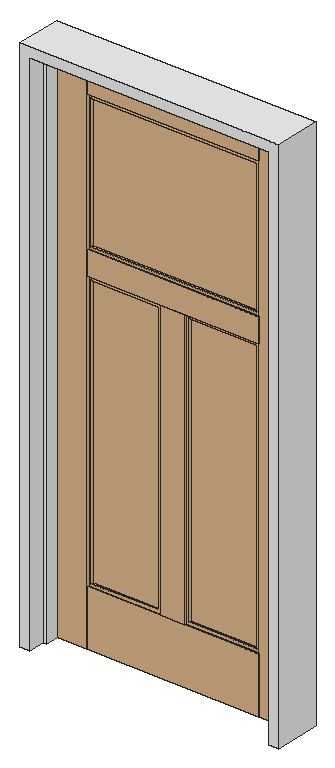
Revit family
Parameters (values of type "1 3/4" Flat Panel")
  URL = "http://www.karonadoor.com"
  Thickness Note = "Do not edit thickness."  # constant formula
  Thickness = 1.774"
  Swing Angle 2D = 90.00°
  SmartBIM Object Version = 1.1  # constant formula
  SmartBIM Object Created By = "Reed Construction Data"  # constant formula
  Rough Width = 0.000"
  Rough Height = 1.750"
  Panel = Panel_K5320_Karona : 1 3/4" - Flat Panel
  Model = "K5320 Mission"  # constant formula
  Manufacturer = "Karona , Inc."  # constant formula
  Detail Door Thickness = 1.750"
  Assembly Code = ""
  Top Rail Height = 5.000"
  Top Rail = Wood, Cherry - Grain Horizontal
  Stile Width = 5.063"
  Stile = Wood, Cherry - Grain Vertical
  Sticking = Wood, Cherry - Grain Vertical
  Middle Rail = Wood, Cherry - Grain Horizontal
  Height = 80.000"
  Wall Closure = (empty or 0)
  Width = 36.000"
  Frame = Metal
  Bottom Rail Height = 8.500"
  Bottom Rail = Wood, Cherry - Grain Horizontal
  95 CSI = "08210"  # constant formula
  04 CSI = "08 14 33"  # constant formula
Types (9): name | Thickness | Rough Height | Panel | Detail Door Thickness
  1 3/4" Flat Panel | 1.774" | 1.750" | Panel_K5320_Karona : 1 3/4" - Flat Panel | 1.750"
  1 3/8" Flat Panel | 1.334" | 0.000" | Panel_K5320_Karona : 1 3/8" - Flat Panel | 1.375"
  2 1/4" Flat Panel | 2.250" | 0.000" | Panel_K5320_Karona : 2 1/4" - Flat Panel | 2.250"
  1 3/4" Glass Panel | 1.774" | 1.750" | Panel_K5320_Karona : 1 3/4" - Glass Panel | 1.750"
  1 3/8" Glass Panel | 1.334" | 0.000" | Panel_K5320_Karona : 1 3/8" - Glass Panel | 1.375"
  2 1/4" Glass Panel | 2.250" | 0.000" | Panel_K5320_Karona : 2 1/4" - Glass | 2.250"
  1 3/4" Raised Panel | 1.774" | 1.750" | Panel_K5320_Karona : 1 3/4" - Raised Panel | 1.750"
  1 3/8" Raised Panel | 1.334" | 0.000" | Panel_K5320_Karona : 1 3/8" - Raised Panel | 1.375"
  2 1/4" Raised Panel | 2.250" | 0.000" | Panel_K5320_Karona : 2 1/4" - Raised Panel | 2.250"
Reference planes (in)
  plane 1 "Center (Front/Back)": y = 0
  plane 2 "Center (Left/Right)": x = 0
  plane 3 "Left": x = -18
  plane 4 "Right": x = 18
  plane 5 "Top": z = 80
  plane 6 "Exterior Edge of Frame": y = 3.5
  plane 7 "Interior Edge of Frame": y = -3.5
  plane 8: y = 1
  plane 9: y = -1
  plane 10 "Opening Left": x = -19.5
  plane 11 "Opening Right": x = 19.5
  plane 12 "Top of Opening": z = 81.5
  plane 13: x = -17.5
Forms (in)
  Sweep 1, solid, material "Metal" <- "Frame"
    path origin (0, 0, 0) x (1, 0, 0) y (0, 0, 1)
      loop
        line (-19.5, 0) -> (-19.5, 81.5) -> (19.5, 81.5) -> (19.5, 0)
    profile origin (-19.5, 0, 40.75) x (-1, 0, 0) y (0, -1, 0)
      loop
        line (0, -3.5) -> (0, 3.5) -> (-1.5, 3.5) -> (-1.5, 1) -> (-2, 1) -> (-2, -1) -> (-1.5, -1) -> (-1.5, -3.5) -> (0, -3.5)
Lines and regions (in)
  Opening 1
    outline origin (-90, -3, 0) x (1, 0, 0) y (0, 0, 1)
      loop
        line (70.5, 0) -> (109.5, 0) -> (109.5, 81.5) -> (70.5, 81.5) -> (70.5, 0)
  symbolic lines, style "Elevation Swing"
    curve 1: line (18, 3, 0) -> (-18, 3, 40)
    curve 2: line (-18, 3, 40) -> (18, 3, 80)
Text (in)
  text "Exterior" at (-46.13199, 20.20143, 0), in view "Ref. Level"
  text "Interior" at (-46.13199, -10.56751, 0), in view "Ref. Level"
  text "Exterior" at (0, 40.15149, 123.01588), in view "Right"
  text "Interior" at (0, -64.39139, 123.01588), in view "Right"
  text "Interior" at (0, -31.01599, 123.00693), in view "Left"
  text "Exterior" at (0, 54.57065, 123.00693), in view "Left"
Dimensions and locks (in)
  "Height": level to plane 5 "Top"
  "Width": plane 3 "Left" to plane 4 "Right"
  equal spacing: host wall, curve 2, plane 5 "Top"
  locked: host wall to plane 7 "Interior Edge of Frame" at 0.5
  locked: plane 6 "Exterior Edge of Frame" to host wall at 0.5
  locked: plane 9 to plane 7 "Interior Edge of Frame" at 2.5
  locked: plane 6 "Exterior Edge of Frame" to plane 8 at 2.5
  equal spacing: plane 3 "Left", plane 2 "Center (Left/Right)", plane 4 "Right"
  locked: plane 4 "Right" to plane 11 "Opening Right" at 1.5
  locked: plane 5 "Top" to plane 12 "Top of Opening" at 1.5
  locked: plane 3 "Left" to plane 13 at 0.5
  locked: plane 10 "Opening Left" to plane 3 "Left" at 1.5
  aligned and locked: Opening 1 sketch curve to level
  aligned and locked: plane 4 "Right" to curve 1
  aligned and locked: plane 3 "Left" to curve 1
  aligned and locked: plane 5 "Top" to curve 2
  aligned and locked: Opening 1 sketch curve to plane 11 "Opening Right"
  aligned and locked: plane 12 "Top of Opening" to Opening 1 sketch curve
  aligned and locked: Opening 1 sketch curve to plane 10 "Opening Left"
  aligned and locked: plane 10 "Opening Left" to Sweep 1 sketch curve
  aligned and locked: plane 12 "Top of Opening" to Sweep 1 sketch curve
  aligned and locked: plane 11 "Opening Right" to Sweep 1 sketch curve
  aligned and locked: level to Sweep 1 sketch curve  (x2)
  aligned and locked: Sweep 1 sketch curve to plane 10 "Opening Left"
  aligned and locked: Sweep 1 sketch curve to plane 6 "Exterior Edge of Frame"
  aligned and locked: Sweep 1 sketch curve to plane 7 "Interior Edge of Frame"
  aligned and locked: Sweep 1 sketch curve to plane 8
  aligned and locked: Sweep 1 sketch curve to plane 9
  aligned and locked: plane 13 to Sweep 1 sketch curve
  aligned and locked: plane 3 "Left" to Sweep 1 sketch curve  (x2)
  aligned and locked: nested 1 to plane 2 "Center (Left/Right)"
  aligned and locked: nested 1 to plane 8
  aligned and locked: nested 2 to plane 3 "Left"
  aligned and locked: nested 2 to plane 8
Automatic sketch dimensions
  curve 1 to level = 0.000"
  curve 2 to plane 4 "Right" = 0.000"
Nested families (in)
  nested 1: "Panel_K5320_Karona" at (-13.5, 0.6575, 0) x (-1, 0, 0) z (0, 0, 1), type <- "Panel", type "1 3/4" - Flat Panel"
  nested 2: "Door Panel Plan View" at (-31.5, 1, 0) x (-1, 0, 0) z (0, 0, 1), type "Door Panel Plan View"
    with Thickness 1.750", Height 80.000"
Definition of nested family "Panel_K5320_Karona"
  Parameters (values of type "1 3/4" - Raised Panel")
    Width = 36.000"
    Top Rail Material = Wood, Cherry - Grain Horizontal
    Top Rail Height = 5.000"
    Top Panel Offset = 16.542"
    Thickness Note = "Do not change door thickness"  # constant formula
    Thickness = 1.774"
    Stile Width = 5.063"
    Stile Material = Wood, Cherry - Grain Vertical
    Sticking Material = Wood, Cherry - Grain Vertical
    Panel Width = Width - (2 * Stile Width)  # 25.874"
    Panel Height = Height - (Top Rail Height + Lock Rail Height)  # 41.000"
    Panel = Glass-Sticking-Assembly-Mission_Karona : Raised Panel
    Mullion Width = 3.625"  # constant formula
    Middle Panel Height = Height - (2 * Panel Height + Top Rail Height + Bottom Rail Height + 2 * Mullion Width)  # -2.750"
    Lock Rail Height = 54.000"
    Interior Panel = Wood, Cherry - Grain Vertical
    Height = 100.000"
    Exterior Edge - Glass Bottom Offset = if(Thickness = 1.774", 0.567", if(Thickness = 2.250", 0.803", 0.469"))  # 0.567"
    Door Panel Material = Wood, Cherry - Grain Vertical
    Default Elevation = 0.000"  # constant formula
    Bottom Rail Material = Wood, Cherry - Grain Horizontal
    Bottom Rail Height = 8.500"
    Bottom Panel Width = (Width - ((2 * Stile Width) + Mullion Width)) / 2  # 11.1245"
    Bottom Panel Height = Height - (Top Rail Height + Panel Height + Mullion Width + Bottom Rail Height)  # 41.875"
    Assembly Code = ""
  Types (9): name | Top Panel Offset | Thickness | Panel Height | Panel | Middle Panel Height | Interior Panel | Height | Exterior Edge - Glass Bottom Offset
    2 1/4" - Flat Panel | 14.875" | 2.250" | 21.000" | Glass-Sticking-Assembly-Mission_Karona : Flat Panel | 17.250" | Wood, Cherry - Grain Vertical | 80.000" | 0.803"
    2 1/4" - Glass | 14.875" | 2.250" | 21.000" | Glass-Sticking-Assembly-Mission_Karona : Glass Panel | 17.250" | Glass | 80.000" | 0.803"
    2 1/4" - Raised Panel | 14.875" | 2.250" | 21.000" | Glass-Sticking-Assembly-Mission_Karona : Raised Panel | 17.250" | Wood, Cherry - Grain Vertical | 80.000" | 0.803"
    1 3/4" - Raised Panel | 16.542" | 1.774" | 41.000" | Glass-Sticking-Assembly-Mission_Karona : Raised Panel | -2.750" | Wood, Cherry - Grain Vertical | 100.000" | 0.567"
    1 3/4" - Flat Panel | 14.875" | 1.774" | 21.000" | Glass-Sticking-Assembly-Mission_Karona : Flat Panel | 17.250" | Wood, Cherry - Grain Vertical | 80.000" | 0.567"
    1 3/4" - Glass Panel | 14.875" | 1.774" | 21.000" | Glass-Sticking-Assembly-Mission_Karona : Glass Panel | 17.250" | Glass | 80.000" | 0.567"
    1 3/8" - Raised Panel | 14.875" | 1.334" | 21.000" | Glass-Sticking-Assembly-Mission_Karona : Raised Panel | 17.250" | Wood, Cherry - Grain Vertical | 80.000" | 0.469"
    1 3/8" - Glass Panel | 14.875" | 1.334" | 21.000" | Glass-Sticking-Assembly-Mission_Karona : Glass Panel | 17.250" | Glass | 80.000" | 0.469"
    1 3/8" - Flat Panel | 14.875" | 1.334" | 21.000" | Glass-Sticking-Assembly-Mission_Karona : Flat Panel | 17.250" | Wood, Cherry - Grain Horizontal | 80.000" | 0.469"
  Reference planes (in)
    plane 1 "Center (Front/Back)": y = 1.2295
    plane 2: z = 0
    plane 3 "Center (Left/Right)": x = -13.5
    plane 4 "Left": x = -31.5
    plane 5: x = 4.5
    plane 6 "Inner Left": x = -26.437
    plane 7 "Inner Right": x = -0.563
    plane 8 "Bottom Of Top Rail": z = 95
    plane 9 "Top": z = 100
    plane 10 "Interior Edge of Door": y = 2.1165
    plane 11: z = 95
    plane 12 "Exterior Edge of Door": y = 0.3425
    plane 13 "Bottom of Glass": y = 0.9095
    plane 14 "Left Panel Vertical Midline": x = -13.5
    plane 15: z = 54
    plane 16: z = 50.375
    plane 17: z = 54
    plane 18: z = 50.375
    plane 19: z = 8.5
    plane 20: z = 74.5
    plane 21: z = 29.4375
    plane 22: z = 52.1875
    plane 23: x = -20.87475
    plane 24: x = -6.12525
    plane 25: x = -15.3125
    plane 26: x = -11.6875
  Forms (in)
    Extrusion 1, solid, material "Wood, Cherry - Grain Horizontal" <- "Bottom Rail Material"
      sketch origin (0, -101.3125, 0) x (1, 0, 0) y (0, 0, 1)
        loop
          line (-26.437, 0) -> (-0.563, 0) -> (-0.563, 8.5) -> (-26.437, 8.5) -> (-26.437, 0)
      from -103.429 to -101.655
    Extrusion 2, solid, material "Wood, Cherry - Grain Vertical" <- "Stile Material"
      sketch origin (0, 1.2295, 0) x (1, 0, 0) y (0, 0, 1)
        loop
          line (-31.5, 100) -> (-31.5, 0) -> (-26.437, 0) -> (-26.437, 100) -> (-31.5, 100)
        loop
          line (-0.563, 0) -> (4.5, 0) -> (4.5, 100) -> (-0.563, 100) -> (-0.563, 0)
      from -0.887 to 0.887
    Extrusion 3, solid, material "Wood, Cherry - Grain Horizontal" <- "Top Rail Material"
      sketch origin (0, 1.2295, 0) x (1, 0, 0) y (0, 0, 1)
        loop
          line (-26.437, 100) -> (-26.437, 95) -> (-0.563, 95) -> (-0.563, 100) -> (-26.437, 100)
      from -0.887 to 0.887
    Extrusion 4, solid, material "Wood, Cherry - Grain Horizontal" <- "Top Rail Material"
      sketch origin (0, 1.2295, 0) x (1, 0, 0) y (0, 0, 1)
        loop
          line (-26.437, 50.375) -> (-0.563, 50.375) -> (-0.563, 54) -> (-26.437, 54) -> (-26.437, 50.375)
      from -0.887 to 0.887
    Extrusion 5, solid, material "Wood, Cherry - Grain Vertical" <- "Door Panel Material"
      sketch origin (0, 1.2295, 0) x (1, 0, 0) y (0, 0, 1)
        loop
          line (-15.3125, 50.375) -> (-15.3125, 8.5) -> (-11.6875, 8.5) -> (-11.6875, 50.375) -> (-15.3125, 50.375)
      from -0.887 to 0.887
  Text (in)
    text "EXTERIOR" at (-34.59289, -1.27941, 0), in view "Ref. Level"
    text "EXTERIOR" at (0, -9.65287, 72.76687), in view "Left"
    text "EXTERIOR" at (0, -33.33473, 96.68074), in view "Right"
  Dimensions and locks (in)
    equal spacing: plane 4 "Left", plane 3 "Center (Left/Right)", plane 5
    "Width": plane 4 "Left" to plane 5
    "Stile Width": plane 4 "Left" to plane 6 "Inner Left"
    "Stile Width": plane 5 to plane 7 "Inner Right"
    "Top Rail Height": plane 9 "Top" to plane 8 "Bottom Of Top Rail"
    "Height": plane 9 "Top" to plane 2
    equal spacing: plane 10 "Interior Edge of Door", plane 1 "Center (Front/Back)", plane 12 "Exterior Edge of Door"
    "Thickness": plane 10 "Interior Edge of Door" to plane 12 "Exterior Edge of Door"
    "Exterior Edge - Glass Bottom Offset": plane 13 "Bottom of Glass" to plane 12 "Exterior Edge of Door"
    "Exterior Edge - Glass Bottom Offset": plane 12 "Exterior Edge of Door" to plane 13 "Bottom of Glass"
    "Mullion Width": plane 15 to plane 16
    "Bottom Rail Height": plane 19 to level
    "Panel Height": plane 11 to plane 15
    equal spacing: plane 11, plane 20, plane 15
    equal spacing: plane 18, plane 21, plane 19
    "Mullion Width": plane 17 to plane 18
    equal spacing: plane 17, plane 22, plane 16
    "Mullion Width": plane 26 to plane 25
    equal spacing: plane 25, plane 23, plane 6 "Inner Left"
    equal spacing: plane 26, plane 24, plane 7 "Inner Right"
    equal spacing: plane 25, plane 3 "Center (Left/Right)", plane 26
    "Lock Rail Height": plane 17 to level
    aligned and locked: Extrusion 1 to plane 2
    aligned and locked: plane 10 "Interior Edge of Door" to Extrusion 1
    aligned and locked: plane 4 "Left" to Extrusion 2 sketch curve
    aligned and locked: Extrusion 2 sketch curve to plane 9 "Top"
    aligned and locked: Extrusion 2 sketch curve to Extrusion 1  (x3)
    aligned and locked: Extrusion 1 to Extrusion 2 sketch curve
    aligned and locked: plane 9 "Top" to Extrusion 2 sketch curve
    aligned and locked: plane 5 to Extrusion 2 sketch curve
    aligned and locked: plane 10 "Interior Edge of Door" to Extrusion 2
    aligned and locked: Extrusion 2 to Extrusion 3 sketch curve
    aligned and locked: Extrusion 3 sketch curve to Extrusion 2
    aligned and locked: plane 10 "Interior Edge of Door" to Extrusion 3
    aligned and locked: plane 11 to plane 8 "Bottom Of Top Rail"
    aligned and locked: level to plane 2
    aligned and locked: Extrusion 3 to plane 12 "Exterior Edge of Door"
    aligned and locked: Extrusion 3 to plane 10 "Interior Edge of Door"
    aligned and locked: Extrusion 2 to plane 12 "Exterior Edge of Door"
    aligned and locked: Extrusion 3 to plane 11
    aligned and locked: Extrusion 1 to Extrusion 2
    aligned and locked: nested 1 to plane 1 "Center (Front/Back)"
    aligned and locked: plane 14 "Left Panel Vertical Midline" to nested 2
    aligned and locked: nested 1 to plane 19
    aligned and locked: plane 20 to nested 2
    aligned and locked: Extrusion 4 sketch curve to plane 18
    aligned and locked: Extrusion 4 sketch curve to plane 6 "Inner Left"
    aligned and locked: Extrusion 4 sketch curve to plane 7 "Inner Right"
    aligned and locked: Extrusion 4 sketch curve to plane 17
    aligned and locked: plane 10 "Interior Edge of Door" to Extrusion 4
    aligned and locked: Extrusion 4 to plane 12 "Exterior Edge of Door"
    aligned and locked: plane 23 to nested 1
    aligned and locked: plane 24 to nested 3
    aligned and locked: nested 3 to plane 21
    aligned and locked: plane 1 "Center (Front/Back)" to nested 3
    aligned and locked: Extrusion 5 sketch curve to plane 25
    aligned and locked: plane 26 to Extrusion 5 sketch curve
    aligned and locked: Extrusion 5 sketch curve to plane 18
    aligned and locked: Extrusion 5 sketch curve to plane 19
    aligned and locked: plane 10 "Interior Edge of Door" to Extrusion 5
    aligned and locked: Extrusion 5 to plane 12 "Exterior Edge of Door"
    aligned and locked: plane 19 to Extrusion 1
  Automatic sketch dimensions
    Extrusion 1 sketch curve to plane 6 "Inner Left" = 0.000"
    Extrusion 1 sketch curve to plane 7 "Inner Right" = 0.000"
    Extrusion 1 sketch curve to level = 0.000"
    Extrusion 3 sketch curve to plane 7 "Inner Right" = 0.000"
    plane 8 "Bottom Of Top Rail" to Extrusion 3 sketch curve = 0.000"
    level to Extrusion 1 sketch curve = 8.500"
  Nested families (in)
    nested 1: "Glass-Sticking-Assembly-Mission_Karona" at (-21.3435, 1.38, 8.5), Width <- "Bottom Panel Width", Height <- "Bottom Panel Height", type <- "Panel", type "Raised Panel"
      with Width 11.1245", Height 41.875", Door Thickness 1.774", C 0.200", B 0.567", A 0.197"
    nested 2: "Glass-Sticking-Assembly-Mission_Karona" at (-13.96875, 1.382, 54), Width <- "Panel Width", Height <- "Panel Height", type <- "Panel", type "Raised Panel"
      with Width 25.874", Height 41.000", Door Thickness 1.774", C 0.200", B 0.567", A 0.197"
    nested 3: "Glass-Sticking-Assembly-Mission_Karona" at (-5.6565, 1.38, 8.5) x (-1, 0, 0) z (0, 0, 1), Width <- "Bottom Panel Width", Height <- "Bottom Panel Height", type <- "Panel", type "Raised Panel"
      with Width 11.1245", Height 41.875", Door Thickness 1.774", C 0.200", B 0.567", A 0.197"
  Definition of nested family "Glass-Sticking-Assembly-Mission_Karona"
    Parameters (values of type "Glass Panel")
      Width [instance] = 19.000"
      Stop Adjustment = if(and(not(Glass Panel), Door Thickness = 1.774"), 0.513", if(and(not(Glass Panel), Door Thickness = 2.250"), 0.513", if((Glass Panel), 0.125", 0.273")))  # 0.125"
      Profile = Wood, Cherry - Grain Vertical
      Height [instance] = 23.000"
      Raised Panel = no
      Interior Panel = Wood, Cherry - Grain Vertical
      Glass Panel = yes
      Door Thickness = 2.250"
      C = if(Door Thickness = 1.774", 0.200", if(Door Thickness = 2.250", 0.439", 0.191"))  # 0.439"
      B = if(Door Thickness = 1.774", 0.567", if(Door Thickness = 2.250", 0.803", 0.469"))  # 0.803"
      Assembly Code = ""
      A = if(Door Thickness = 1.774", 0.197", if(Door Thickness = 2.250", 0.433", 0.194"))  # 0.433"
    Types (3): name | Width | Stop Adjustment | Height | Raised Panel | Glass Panel | Door Thickness | C | B | A
      Glass Panel | 19.000" | 0.125" | 23.000" | no | yes | 2.250" | 0.439" | 0.803" | 0.433"
      Flat Panel | 4.500" | 0.273" | 23.000" | no | no | 1.334" | 0.191" | 0.469" | 0.194"
      Raised Panel | 4.000" | 0.513" | 4.000" | yes | no | 2.250" | 0.439" | 0.803" | 0.433"
    Reference planes (in)
      plane 1 "Stop Adjustment Edge": y = -0.3455
      plane 2: z = 0
      plane 3 "Center (Left/Right)": x = 0.46875
      plane 4 "Back": y = 0.9765
      plane 5 "Front": y = -1.2735
      plane 6 "Left": x = -9.03125
      plane 7 "Right": x = 9.96875
      plane 8 "Top": z = 23
      plane 9 "Center (Up/Down)": z = 11.5
      plane 10 "Bottom of Stop": y = -0.2205
      plane 11 "Bottom of Glass": y = -0.4705
      plane 12 "Right Edge of Glass": x = 9.91875
      plane 13 "Left Edge of Glass": x = -8.98125
      plane 14 "Top Edge of Glass": z = 22.90625
      plane 15 "Bottom Edge of Glass": z = 0.09375
      plane 16: x = 9.84375
      plane 17: x = 9.40625
      plane 18 "A": y = -0.8405
      plane 19 "C": y = 0.5375
      plane 20: z = 0.438
      plane 21: z = 22.562
      plane 22: x = -8.59325
      plane 23: x = 9.53075
      plane 24 "Center (Front/Back)": y = -0.1485
    Forms (in)
      Sweep 1, solid, material "Wood, Cherry - Grain Vertical" <- "Profile"
        path origin (0, -0.3455, 0) x (1, 0, 0) y (0, 0, 1)
          loop
            line (9.96875, 23) -> (-9.03125, 23) -> (-9.03125, 0) -> (9.96875, 0) -> (9.96875, 23)
        profile origin (9.96875, -0.3455, 11.5) x (0, -1, 0) y (1, 0, 0)
          loop
            line (-0.883, 0) -> (-0.883, -0.438) -> (-0.125, -0.438) -> (-0.125, -0.05) -> (0.125, -0.05) -> (0.125, -0.438) -> (0.495, -0.438) -> (0.495, 0) -> (-0.883, 0)
      Extrusion 2, solid, material "Wood, Cherry - Grain Vertical" <- "Interior Panel"
        sketch origin (0, 0, 0) x (1, 0, 0) y (0, 1, 0)
          loop
            line (-8.98125, -0.2205) -> (-8.98125, -0.4705) -> (9.91875, -0.4705) -> (9.91875, -0.2205) -> (-8.98125, -0.2205)
        from 0.09375 to 22.90625
      Extrusion 3, solid, material "Wood, Cherry - Grain Vertical" <- "Profile", visible <- "Raised Panel"
        sketch origin (0, 0, 0) x (1, 0, 0) y (0, 1, 0)
          loop
            line (9.53075, 0.5375) -> (-8.59325, 0.5375) -> (-8.59325, -0.2205) -> (9.53075, -0.2205) -> (9.53075, 0.5375)
          loop
            line (-8.59325, -0.4705) -> (-8.59325, -0.8405) -> (9.53075, -0.8405) -> (9.53075, -0.4705) -> (-8.59325, -0.4705)
        from 0.438 to 22.562
      Sweep 4, void
        path origin (0, -0.2205, 0) x (-1, 0, 0) y (0, 0, 1)
          loop
            line (9.03125, 0) -> (9.03125, 23) -> (-9.96875, 23) -> (-9.96875, 0) -> (9.03125, 0)
        profile "Profile : 05" origin (-9.03125, -0.2205, 11.5) x (1, 0, 0) y (0, 1, 0)
          loop
            line (0, 0.05) -> (0.36169, 0.05096)
            arc (0.36169, 0.05096) -> (1.01257, 0.13642) -> (1.61934, 0.387) r 2.52143
            line (1.61934, 0.387) -> (0, 0.387) -> (0, 0.05)
      Sweep 5, void
        path origin (0, -0.4705, 0) x (-1, 0, 0) y (0, 0, 1)
          loop
            line (-9.96875, 23) -> (-9.96875, 0) -> (9.03125, 0) -> (9.03125, 23) -> (-9.96875, 23)
        profile "Profile : 05" origin (9.96875, -0.4705, 11.5) x (-1, 0, 0) y (0, 1, 0)
          loop
            line (0, -0.05) -> (0, -0.387) -> (1.61934, -0.387)
            arc (1.61934, -0.387) -> (1.01257, -0.13642) -> (0.36169, -0.05096) r 2.52143
            line (0.36169, -0.05096) -> (0, -0.05)
    Cuts and joins
      Sweep 4, Sweep 5 cuts Extrusion 3
    Text (in)
      text "INTERIOR" at (-14.3788, 3.49864, 0), in view "Ref. Level"
    Dimensions and locks (in)
      equal spacing: plane 6 "Left", plane 3 "Center (Left/Right)", plane 7 "Right"
      "Width": plane 6 "Left" to plane 7 "Right"
      "Door Thickness": plane 4 "Back" to plane 5 "Front"
      "Height": plane 8 "Top" to plane 2
      equal spacing: plane 8 "Top", plane 9 "Center (Up/Down)", level
      locked: plane 1 "Stop Adjustment Edge" to plane 11 "Bottom of Glass" at 0.125
      "Stop Adjustment": plane 10 "Bottom of Stop" to plane 1 "Stop Adjustment Edge"
      locked: plane 12 "Right Edge of Glass" to plane 7 "Right" at 0.05
      locked: plane 8 "Top" to plane 14 "Top Edge of Glass" at 0.09375
      locked: plane 15 "Bottom Edge of Glass" to level at 0.09375
      locked: plane 6 "Left" to plane 13 "Left Edge of Glass" at 0.05
      "B": plane 5 "Front" to plane 11 "Bottom of Glass"
      locked: plane 16 to plane 7 "Right" at 0.125
      "A": plane 5 "Front" to plane 18 "A"
      "C": plane 19 "C" to plane 4 "Back"
      plane 4 "Back" to Sweep 1 = 1.197"
      locked: plane 20 to level at 0.438
      locked: plane 8 "Top" to plane 21 at 0.438
      locked: plane 6 "Left" to plane 22 at 0.438
      locked: plane 23 to plane 7 "Right" at 0.438
      equal spacing: plane 4 "Back", plane 24 "Center (Front/Back)", plane 5 "Front"
      aligned and locked: Sweep 1 sketch curve to plane 7 "Right"
      aligned and locked: Sweep 1 sketch curve to plane 8 "Top"
      aligned and locked: Sweep 1 sketch curve to plane 6 "Left"
      aligned and locked: Sweep 1 sketch curve to level
      aligned and locked: plane 7 "Right" to Sweep 1 sketch curve
      aligned and locked: plane 10 "Bottom of Stop" to Sweep 1 sketch curve
      aligned and locked: plane 11 "Bottom of Glass" to Sweep 1 sketch curve
      aligned and locked: plane 18 "A" to Sweep 1 sketch curve
      aligned and locked: Sweep 1 sketch curve to plane 19 "C"
      aligned and locked: Extrusion 2 sketch curve to plane 13 "Left Edge of Glass"
      aligned and locked: Extrusion 2 sketch curve to plane 10 "Bottom of Stop"
      aligned and locked: Extrusion 2 sketch curve to plane 11 "Bottom of Glass"
      aligned and locked: Extrusion 2 sketch curve to plane 12 "Right Edge of Glass"
      aligned and locked: plane 14 "Top Edge of Glass" to Extrusion 2
      aligned and locked: Extrusion 2 to plane 15 "Bottom Edge of Glass"
      aligned and locked: Extrusion 3 sketch curve to plane 19 "C"
      aligned and locked: Extrusion 3 sketch curve to plane 10 "Bottom of Stop"
      aligned and locked: Extrusion 3 sketch curve to plane 11 "Bottom of Glass"
      aligned and locked: Extrusion 3 sketch curve to plane 18 "A"
      aligned and locked: Extrusion 3 to plane 20
      aligned and locked: Extrusion 3 to plane 21
      aligned and locked: plane 12 "Right Edge of Glass" to Sweep 1 sketch curve
      aligned and locked: plane 23 to Extrusion 3 sketch curve  (x2)
      aligned and locked: Extrusion 3 sketch curve to plane 22  (x2)
      aligned and locked: plane 23 to Sweep 1 sketch curve  (x2)
      aligned and locked: Sweep 5 sketch curve to plane 6 "Left"
      aligned and locked: plane 8 "Top" to Sweep 5 sketch curve
      aligned and locked: Sweep 5 sketch curve to plane 7 "Right"
      aligned and locked: level to Sweep 5 sketch curve
      aligned and locked: Sweep 4 sketch curve to plane 7 "Right"
      aligned and locked: plane 8 "Top" to Sweep 4 sketch curve
      aligned and locked: Sweep 4 sketch curve to plane 6 "Left"
      aligned and locked: level to Sweep 4 sketch curve
Definition of nested family "Door Panel Plan View"
  Parameters (values of type "Door Panel Plan View")
    Width = 36.000"
    Thickness = 2.000"
    Swing Angle 2D = 90.00°
    Height = 0.000"
    Assembly Code = ""
  Reference planes (in)
    plane 1 "Center (Front/Back)": y = 0
    plane 2: z = 0
    plane 3 "Center (Left/Right)": x = -13.5
  Lines and regions (in)
    symbolic lines, style "DoorsPanelProjection"
      curve 1: line (-13.5, 0, 0) -> (-13.5, 36, 0)
      curve 2: line (-15.5, 0, 0) -> (-15.5, 36, 0)
      curve 3: line (-13.5, 0, 0) -> (-15.5, 0, 0)
      curve 4: line (-13.5, 36, 0) -> (-15.5, 36, 0)
    symbolic lines, style "Plan Swing"
      curve 5: arc (-13.5, 36, 0) -> (-38.95584, 25.45584, 0) -> (-49.5, 0, 0) r 36
  Dimensions and locks (in)
    "Width": curve 4 to curve 3
    "Thickness": curve 1 to curve 2
    "Swing Angle 2D": angle curve 1 to plane 1 "Center (Front/Back)"
    aligned and locked: plane 1 "Center (Front/Back)" to curve 5
  Automatic sketch dimensions
    curve 3 to plane 1 "Center (Front/Back)" = 0.000"
    curve 5 to plane 3 "Center (Left/Right)" = 0.000"
    curve 3 to plane 3 "Center (Left/Right)" = 0.000"
